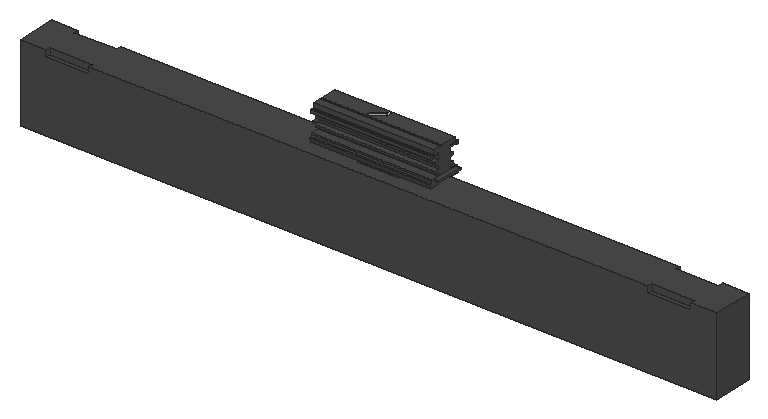
Revit family "DOT SINGLE HEAD RAIL 646_DTM30U6.5.15", category Luminarias, Revit 2019
Family settings
  Cota de conector redondo = Diámetro de uso
  Tipo de pieza = Normal
  Se basa en plano de trabajo = Sí
  Siempre vertical = Sí
  Corte con vacíos al cargar = No
  Origen de luz = Sí
  Compartido = No
  Punto de cálculo de habitación = No
Parameters (values of type "DOT SINGLE HEAD RAIL 646_DTM30U6.5.15")
  Ángulo de inclinación = 60.00°
  Zone [instance] = ""
  Watt per fixture = 30
  Wattage = 30 W
  built-in parameter 1150107 = 2700 (stored number, unit not read)
  built-in parameter 1150110 = 1 (stored number, unit not read)
  built-in parameter 1150109 = 1 (stored number, unit not read)
  built-in parameter 1150112 = 1 (stored number, unit not read)
  built-in parameter 1150113 = 1 (stored number, unit not read)
  built-in parameter 1114218 = 1 (stored number, unit not read)
  Keynote = ""
  built-in parameter 1150137 = (empty or 0)
  built-in parameter 1150132 = (empty or 0)
  Modelo = "DTM30U6.5.15"
  Lámpara = "3030SMD PHILIPS"
  built-in parameter 1150105 = 12002.7 (stored number, unit not read)
  built-in parameter 1150102 = (empty or 0)
  built-in parameter 1150106 = 120.03 (stored number, unit not read)
  Lumens = 2460 lm
  Color Filter = 16777215
  built-in parameter 1114217 = 1 (stored number, unit not read)
  built-in parameter 1150139 = (empty or 0)
  Fabricante = "BRILLANT"
  Default Elevation = 1219.2 mm
  built-in parameter 1150104 = 7.618 (stored number, unit not read)
  Descripción = "LUMINARIA DOWNLIGHT EN FORMATO RECTANGULAR COMPATIBLE CON RIEL DE 6 ENTRADAS Y 3 CIRCUITOS CON CABEZAL PARA PODER DIRIGIR LA LUMINARIA HASTA 30 GRADOS, CUERPO DE ALUMINIO ACABADO EN COLOR NEGRO, IP 20, PESO 1.48Kg, TIPO DE LED 3030SMD PHILIPS CON 30W TOTAL, 2300 LUMENES, 82LM/W, IRC 90, TEMPERATURA EN BLANCO CALIDO 2700K, 50 MIL HORAS DE VIDA PROMEDIO, APERTURA DE 15 GRADOS POR PROYECTO, ALIMENTADO A 90-240V"
  built-in parameter 1150115 = 1 (stored number, unit not read)
  built-in parameter 1150114 = 1 (stored number, unit not read)
  Comentarios de vataje = "90-240V"
  built-in parameter 1150138 = (empty or 0)
  built-in parameter 1150134 = (empty or 0)
  Circuit [instance] = ""
  Dimming Lamp Color Temperature Shift = (empty or 0)
  Archivo de red fotométrica = "L646A-30W-827-B-15_IESNA95.IES"
  built-in parameter 1150133 = 10 (stored number, unit not read)
Reference planes
  plane 1 "Centro (Frontal/Posterior)": y = 0
  plane 2: z = 0
  plane 3 "Centro (Izquierda/Derecha)": x = 0
Forms (mm)
  Extrusion 1, solid, material "Default Form"
    sketch origin (0, 0, 0) x (1, 0, 0) y (0, 0, 1)
      loop
        line (-323, 0) -> (-323, -72) -> (323, -72) -> (323, 0) -> (-323, 0)
    from -18.326 to 18.326
  Blend 2, void
    base sketch origin (0, 0, 0) x (1, 0, 0) y (0, 1, 0)
      loop
        line (-162, 16.149) -> (-162, -16.149) -> (-144.14, -16.149) -> (-144.14, 16.149) -> (-162, 16.149)
    top sketch origin (0, 0, 0) x (1, 0, 0) y (0, 1, 0)
      loop
        line (-160, 12.149) -> (-160, -12.149) -> (-146.14, -12.149) -> (-146.14, 12.149) -> (-160, 12.149)
    from -72 to -61.591
  Blend 3, void
    base sketch origin (21.86, 0, 0) x (1, 0, 0) y (0, 1, 0)
      loop
        line (-162, 16.149) -> (-162, -16.149) -> (-144.14, -16.149) -> (-144.14, 16.149) -> (-162, 16.149)
    top sketch origin (21.86, 0, 0) x (1, 0, 0) y (0, 1, 0)
      loop
        line (-160, 12.149) -> (-160, -12.149) -> (-146.14, -12.149) -> (-146.14, 12.149) -> (-160, 12.149)
    from -72 to -61.591
  Blend 4, void
    base sketch origin (43.72, 0, 0) x (1, 0, 0) y (0, 1, 0)
      loop
        line (-162, 16.149) -> (-162, -16.149) -> (-144.14, -16.149) -> (-144.14, 16.149) -> (-162, 16.149)
    top sketch origin (43.72, 0, 0) x (1, 0, 0) y (0, 1, 0)
      loop
        line (-160, 12.149) -> (-160, -12.149) -> (-146.14, -12.149) -> (-146.14, 12.149) -> (-160, 12.149)
    from -72 to -61.591
  Blend 5, void
    base sketch origin (65.58, 0, 0) x (1, 0, 0) y (0, 1, 0)
      loop
        line (-162, 16.149) -> (-162, -16.149) -> (-144.14, -16.149) -> (-144.14, 16.149) -> (-162, 16.149)
    top sketch origin (65.58, 0, 0) x (1, 0, 0) y (0, 1, 0)
      loop
        line (-160, 12.149) -> (-160, -12.149) -> (-146.14, -12.149) -> (-146.14, 12.149) -> (-160, 12.149)
    from -72 to -61.591
  Blend 6, void
    base sketch origin (87.44, 0, 0) x (1, 0, 0) y (0, 1, 0)
      loop
        line (-162, 16.149) -> (-162, -16.149) -> (-144.14, -16.149) -> (-144.14, 16.149) -> (-162, 16.149)
    top sketch origin (87.44, 0, 0) x (1, 0, 0) y (0, 1, 0)
      loop
        line (-160, 12.149) -> (-160, -12.149) -> (-146.14, -12.149) -> (-146.14, 12.149) -> (-160, 12.149)
    from -72 to -61.591
  Blend 7, void
    base sketch origin (109.3, 0, 0) x (1, 0, 0) y (0, 1, 0)
      loop
        line (-162, 16.149) -> (-162, -16.149) -> (-144.14, -16.149) -> (-144.14, 16.149) -> (-162, 16.149)
    top sketch origin (109.3, 0, 0) x (1, 0, 0) y (0, 1, 0)
      loop
        line (-160, 12.149) -> (-160, -12.149) -> (-146.14, -12.149) -> (-146.14, 12.149) -> (-160, 12.149)
    from -72 to -61.591
  Blend 8, void
    base sketch origin (131.16, 0, 0) x (1, 0, 0) y (0, 1, 0)
      loop
        line (-162, 16.149) -> (-162, -16.149) -> (-144.14, -16.149) -> (-144.14, 16.149) -> (-162, 16.149)
    top sketch origin (131.16, 0, 0) x (1, 0, 0) y (0, 1, 0)
      loop
        line (-160, 12.149) -> (-160, -12.149) -> (-146.14, -12.149) -> (-146.14, 12.149) -> (-160, 12.149)
    from -72 to -61.591
  Blend 9, void
    base sketch origin (153.02, 0, 0) x (1, 0, 0) y (0, 1, 0)
      loop
        line (-162, 16.149) -> (-162, -16.149) -> (-144.14, -16.149) -> (-144.14, 16.149) -> (-162, 16.149)
    top sketch origin (153.02, 0, 0) x (1, 0, 0) y (0, 1, 0)
      loop
        line (-160, 12.149) -> (-160, -12.149) -> (-146.14, -12.149) -> (-146.14, 12.149) -> (-160, 12.149)
    from -72 to -61.591
  Blend 10, void
    base sketch origin (174.88, 0, 0) x (1, 0, 0) y (0, 1, 0)
      loop
        line (-162, 16.149) -> (-162, -16.149) -> (-144.14, -16.149) -> (-144.14, 16.149) -> (-162, 16.149)
    top sketch origin (174.88, 0, 0) x (1, 0, 0) y (0, 1, 0)
      loop
        line (-160, 12.149) -> (-160, -12.149) -> (-146.14, -12.149) -> (-146.14, 12.149) -> (-160, 12.149)
    from -72 to -61.591
  Blend 11, void
    base sketch origin (196.74, 0, 0) x (1, 0, 0) y (0, 1, 0)
      loop
        line (-162, 16.149) -> (-162, -16.149) -> (-144.14, -16.149) -> (-144.14, 16.149) -> (-162, 16.149)
    top sketch origin (196.74, 0, 0) x (1, 0, 0) y (0, 1, 0)
      loop
        line (-160, 12.149) -> (-160, -12.149) -> (-146.14, -12.149) -> (-146.14, 12.149) -> (-160, 12.149)
    from -72 to -61.591
  Blend 12, void
    base sketch origin (218.6, 0, 0) x (1, 0, 0) y (0, 1, 0)
      loop
        line (-162, 16.149) -> (-162, -16.149) -> (-144.14, -16.149) -> (-144.14, 16.149) -> (-162, 16.149)
    top sketch origin (218.6, 0, 0) x (1, 0, 0) y (0, 1, 0)
      loop
        line (-160, 12.149) -> (-160, -12.149) -> (-146.14, -12.149) -> (-146.14, 12.149) -> (-160, 12.149)
    from -72 to -61.591
  Blend 13, void
    base sketch origin (240.46, 0, 0) x (1, 0, 0) y (0, 1, 0)
      loop
        line (-162, 16.149) -> (-162, -16.149) -> (-144.14, -16.149) -> (-144.14, 16.149) -> (-162, 16.149)
    top sketch origin (240.46, 0, 0) x (1, 0, 0) y (0, 1, 0)
      loop
        line (-160, 12.149) -> (-160, -12.149) -> (-146.14, -12.149) -> (-146.14, 12.149) -> (-160, 12.149)
    from -72 to -61.591
  Blend 14, void
    base sketch origin (262.32, 0, 0) x (1, 0, 0) y (0, 1, 0)
      loop
        line (-162, 16.149) -> (-162, -16.149) -> (-144.14, -16.149) -> (-144.14, 16.149) -> (-162, 16.149)
    top sketch origin (262.32, 0, 0) x (1, 0, 0) y (0, 1, 0)
      loop
        line (-160, 12.149) -> (-160, -12.149) -> (-146.14, -12.149) -> (-146.14, 12.149) -> (-160, 12.149)
    from -72 to -61.591
  Blend 15, void
    base sketch origin (284.18, 0, 0) x (1, 0, 0) y (0, 1, 0)
      loop
        line (-162, 16.149) -> (-162, -16.149) -> (-144.14, -16.149) -> (-144.14, 16.149) -> (-162, 16.149)
    top sketch origin (284.18, 0, 0) x (1, 0, 0) y (0, 1, 0)
      loop
        line (-160, 12.149) -> (-160, -12.149) -> (-146.14, -12.149) -> (-146.14, 12.149) -> (-160, 12.149)
    from -72 to -61.591
  Blend 16, void
    base sketch origin (306.04, 0, 0) x (1, 0, 0) y (0, 1, 0)
      loop
        line (-162, 16.149) -> (-162, -16.149) -> (-144.14, -16.149) -> (-144.14, 16.149) -> (-162, 16.149)
    top sketch origin (306.04, 0, 0) x (1, 0, 0) y (0, 1, 0)
      loop
        line (-160, 12.149) -> (-160, -12.149) -> (-146.14, -12.149) -> (-146.14, 12.149) -> (-160, 12.149)
    from -72 to -61.591
  Extrusion 17, solid, material "Default Form"
    sketch origin (-55.628, 0, 7.5) x (0, 1, 0) y (0, 0, 1)
      loop
        line (-7.273, 1.74) -> (7.273, 1.74) -> (7.273, 0) -> (15.231, 0) -> (17.006, 4.494) -> (15.021, 4.494) -> (14.058, 5.868) -> (14.058, 7.166) -> (6.473, 7.166) -> (6.473, 9.324) -> (10.169, 10.163) -> (10.169, 12.464) -> (6.473, 13.302) -> (6.473, 16.66) -> (10.169, 17.499) -> (10.169, 19.8) -> (6.473, 20.638) -> (6.473, 25.016) -> (13.839, 25.016) -> (14.514, 24.341) -> (15.775, 24.341) -> (15.775, 27.171) -> (14.73, 27.171) -> (14.058, 26.499) -> (6.473, 26.499) -> (6.473, 27.299) -> (12.377, 27.299) -> (12.377, 31.471) -> (-2.744, 31.471) -> (-2.744, 30.671) -> (-5.514, 30.671) -> (-5.514, 31.471) -> (-12.377, 31.471) -> (-12.377, 27.299) -> (-6.473, 27.299) -> (-6.473, 26.499) -> (-14.058, 26.499) -> (-14.73, 27.171) -> (-15.775, 27.171) -> (-15.775, 24.341) -> (-14.514, 24.341) -> (-13.839, 25.016) -> (-6.473, 25.016) -> (-6.473, 20.638) -> (-10.169, 19.8) -> (-10.169, 17.499) -> (-6.473, 16.66) -> (-6.473, 13.302) -> (-10.169, 12.464) -> (-10.169, 10.163) -> (-6.473, 9.324) -> (-6.473, 7.166) -> (-14.058, 7.166) -> (-14.058, 5.868) -> (-15.021, 4.494) -> (-17.006, 4.494) -> (-15.231, 0) -> (-7.273, 0) -> (-7.273, 1.74)
    from 0 to 111.256
  Extrusion 18, solid, material "Default Form"
    sketch origin (0, 0, 0) x (1, 0, 0) y (0, 1, 0)
      loop
        line (-19.12, 6.873) -> (-19.12, -6.873) -> (19.12, -6.873) -> (19.12, 6.873) -> (-19.12, 6.873)
    from 0 to 2.67
  Extrusion 19, solid, material "Default Form"
    sketch origin (0, 0, 0) x (1, 0, 0) y (0, 1, 0)
      loop
        line (-10.93, 3.188) -> (-10.93, -3.188) -> (10.93, -3.188) -> (10.93, 3.188) -> (-10.93, 3.188)
    from 2.67 to 7.5
  Extrusion 20, void
    sketch origin (0, 0, 0) x (1, 0, 0) y (0, 1, 0)
      loop
        line (-259.42, 18.326) -> (-299.14, 18.326) -> (-299.14, 14.276) -> (-259.42, 14.276) -> (-259.42, 18.326)
      loop
        line (-299.14, -18.326) -> (-259.42, -18.326) -> (-259.42, -14.276) -> (-299.14, -14.276) -> (-299.14, -18.326)
      loop
        line (299.14, -18.326) -> (299.14, -14.276) -> (259.42, -14.276) -> (259.42, -18.326) -> (299.14, -18.326)
      loop
        line (299.14, 18.326) -> (259.42, 18.326) -> (259.42, 14.276) -> (299.14, 14.276) -> (299.14, 18.326)
    from -6.015 to 0
  Extrusion 21, solid, material "Acero Inoxidable"
    sketch origin (0, -1.594, 0) x (1, 0, 0) y (0, 0, -1)
      loop
        line (-15, -38.971) -> (3.794, -45.811) -> (4.341, -44.308) -> (3.589, -44.034) -> (3.316, -44.786) -> (-12.661, -38.971) -> (-15, -38.971)
    from 0 to 3.188
  Extrusion 22, solid, material "Default Form"
    sketch origin (0, 0, 0) x (1, 0, 0) y (0, 1, 0)
      loop
        line (-55.628, 6.473) -> (-66.331, 6.473) -> (-66.331, 0) -> (-55.628, 0) -> (-55.628, 6.473)
      loop
        line (55.628, 12.377) -> (55.628, -12.149) -> (60.628, -12.149) -> (60.628, 12.377) -> (55.628, 12.377)
    from 13.368 to 15
  Blend 23, void
    base sketch origin (-87.44, 0, 0) x (1, 0, 0) y (0, 1, 0)
      loop
        line (-162, 16.149) -> (-162, -16.149) -> (-144.14, -16.149) -> (-144.14, 16.149) -> (-162, 16.149)
    top sketch origin (-87.44, 0, 0) x (1, 0, 0) y (0, 1, 0)
      loop
        line (-160, 12.149) -> (-160, -12.149) -> (-146.14, -12.149) -> (-146.14, 12.149) -> (-160, 12.149)
    from -72 to -61.591
  Blend 24, void
    base sketch origin (-65.58, 0, 0) x (1, 0, 0) y (0, 1, 0)
      loop
        line (-162, 16.149) -> (-162, -16.149) -> (-144.14, -16.149) -> (-144.14, 16.149) -> (-162, 16.149)
    top sketch origin (-65.58, 0, 0) x (1, 0, 0) y (0, 1, 0)
      loop
        line (-160, 12.149) -> (-160, -12.149) -> (-146.14, -12.149) -> (-146.14, 12.149) -> (-160, 12.149)
    from -72 to -61.591
  Blend 25, void
    base sketch origin (-43.72, 0, 0) x (1, 0, 0) y (0, 1, 0)
      loop
        line (-162, 16.149) -> (-162, -16.149) -> (-144.14, -16.149) -> (-144.14, 16.149) -> (-162, 16.149)
    top sketch origin (-43.72, 0, 0) x (1, 0, 0) y (0, 1, 0)
      loop
        line (-160, 12.149) -> (-160, -12.149) -> (-146.14, -12.149) -> (-146.14, 12.149) -> (-160, 12.149)
    from -72 to -61.591
  Blend 26, void
    base sketch origin (-21.86, 0, 0) x (1, 0, 0) y (0, 1, 0)
      loop
        line (-162, 16.149) -> (-162, -16.149) -> (-144.14, -16.149) -> (-144.14, 16.149) -> (-162, 16.149)
    top sketch origin (-21.86, 0, 0) x (1, 0, 0) y (0, 1, 0)
      loop
        line (-160, 12.149) -> (-160, -12.149) -> (-146.14, -12.149) -> (-146.14, 12.149) -> (-160, 12.149)
    from -72 to -61.591
  Blend 27, void
    base sketch origin (-109.3, 0, 0) x (1, 0, 0) y (0, 1, 0)
      loop
        line (-162, 16.149) -> (-162, -16.149) -> (-144.14, -16.149) -> (-144.14, 16.149) -> (-162, 16.149)
    top sketch origin (-109.3, 0, 0) x (1, 0, 0) y (0, 1, 0)
      loop
        line (-160, 12.149) -> (-160, -12.149) -> (-146.14, -12.149) -> (-146.14, 12.149) -> (-160, 12.149)
    from -72 to -61.591
  Blend 28, void
    base sketch origin (327.9, 0, 0) x (1, 0, 0) y (0, 1, 0)
      loop
        line (-162, 16.149) -> (-162, -16.149) -> (-144.14, -16.149) -> (-144.14, 16.149) -> (-162, 16.149)
    top sketch origin (327.9, 0, 0) x (1, 0, 0) y (0, 1, 0)
      loop
        line (-160, 12.149) -> (-160, -12.149) -> (-146.14, -12.149) -> (-146.14, 12.149) -> (-160, 12.149)
    from -72 to -61.591
  Blend 29, void
    base sketch origin (349.76, 0, 0) x (1, 0, 0) y (0, 1, 0)
      loop
        line (-162, 16.149) -> (-162, -16.149) -> (-144.14, -16.149) -> (-144.14, 16.149) -> (-162, 16.149)
    top sketch origin (349.76, 0, 0) x (1, 0, 0) y (0, 1, 0)
      loop
        line (-160, 12.149) -> (-160, -12.149) -> (-146.14, -12.149) -> (-146.14, 12.149) -> (-160, 12.149)
    from -72 to -61.591
  Blend 30, void
    base sketch origin (371.62, 0, 0) x (1, 0, 0) y (0, 1, 0)
      loop
        line (-162, 16.149) -> (-162, -16.149) -> (-144.14, -16.149) -> (-144.14, 16.149) -> (-162, 16.149)
    top sketch origin (371.62, 0, 0) x (1, 0, 0) y (0, 1, 0)
      loop
        line (-160, 12.149) -> (-160, -12.149) -> (-146.14, -12.149) -> (-146.14, 12.149) -> (-160, 12.149)
    from -72 to -61.591
  Blend 31, void
    base sketch origin (393.48, 0, 0) x (1, 0, 0) y (0, 1, 0)
      loop
        line (-162, 16.149) -> (-162, -16.149) -> (-144.14, -16.149) -> (-144.14, 16.149) -> (-162, 16.149)
    top sketch origin (393.48, 0, 0) x (1, 0, 0) y (0, 1, 0)
      loop
        line (-160, 12.149) -> (-160, -12.149) -> (-146.14, -12.149) -> (-146.14, 12.149) -> (-160, 12.149)
    from -72 to -61.591
  Blend 32, void
    base sketch origin (415.34, 0, 0) x (1, 0, 0) y (0, 1, 0)
      loop
        line (-162, 16.149) -> (-162, -16.149) -> (-144.14, -16.149) -> (-144.14, 16.149) -> (-162, 16.149)
    top sketch origin (415.34, 0, 0) x (1, 0, 0) y (0, 1, 0)
      loop
        line (-160, 12.149) -> (-160, -12.149) -> (-146.14, -12.149) -> (-146.14, 12.149) -> (-160, 12.149)
    from -72 to -61.591
Cuts and joins
  Blend 2, Blend 3, Blend 4, Blend 5, Blend 6, Blend 7, Blend 8, Blend 9, Blend 10, Blend 11, Blend 12, Blend 13, Blend 14, Blend 15, Blend 16, Extrusion 20, Blend 23, Blend 24, Blend 25, Blend 26, Blend 27, Blend 28, Blend 29, Blend 30, Blend 31, Blend 32 cuts Extrusion 1
Dimensions and locks
  equal spacing: Extrusion 1, plane 1 "Centro (Frontal/Posterior)", Extrusion 1
  Extrusion 1 to plane 1 "Centro (Frontal/Posterior)" = 18.326 mm
  Extrusion 1 to Extrusion 1 = 36.651 mm
  Extrusion 1 to Extrusion 1 = 72 mm
  Extrusion 1 to Extrusion 1 = 646 mm
  cut or joined group 1 (Extrusion 1, Blend 2, Blend 3, Blend 4, Blend 5, Blend 6, Blend 7, Blend 8, Blend 9, Blend 10, Blend 11, Blend 12, Blend 13, Blend 14, Blend 15, Blend 16, Extrusion 20, Blend 23, Blend 24, Blend 25, Blend 26, Blend 27, Blend 28, Blend 29, Blend 30, Blend 31, Blend 32) to cut or joined group 1 = 72 mm
  cut or joined group 1 to cut or joined group 1 = 36.651 mm
  cut or joined group 1 to cut or joined group 1 = 646 mm
  equal spacing: cut or joined group 1, plane 1 "Centro (Frontal/Posterior)", cut or joined group 1
  cut or joined group 1 to cut or joined group 1 = 23.86 mm  (x2)
  aligned and locked: level to plane 2
  aligned and locked: Extrusion 19 to Extrusion 17
  aligned and locked: Extrusion 19 to Extrusion 18
Automatic sketch dimensions
  Extrusion 1 sketch curve to level = 0 mm
  Extrusion 1 sketch curve to level = 72 mm
  Extrusion 1 sketch curve to plane 3 "Centro (Izquierda/Derecha)" = 323 mm
  plane 3 "Centro (Izquierda/Derecha)" to Extrusion 1 sketch curve = 323 mm
  Blend 2 sketch curve to plane 1 "Centro (Frontal/Posterior)" = 16.149 mm
  Blend 2 sketch curve to plane 3 "Centro (Izquierda/Derecha)" = 162 mm
  Blend 2 sketch curve to Blend 2 sketch curve = 17.86 mm
  plane 1 "Centro (Frontal/Posterior)" to Blend 2 sketch curve = 16.149 mm
  Blend 2 sketch curve to plane 1 "Centro (Frontal/Posterior)" = 12.149 mm
  Blend 2 sketch curve to plane 3 "Centro (Izquierda/Derecha)" = 160 mm
  Blend 2 sketch curve to Blend 2 sketch curve = 13.86 mm
  plane 1 "Centro (Frontal/Posterior)" to Blend 2 sketch curve = 12.149 mm
  Blend 3 sketch curve to plane 1 "Centro (Frontal/Posterior)" = 16.149 mm
  Blend 3 sketch curve to plane 3 "Centro (Izquierda/Derecha)" = 140.14 mm
  Blend 3 sketch curve to Blend 3 sketch curve = 17.86 mm
  plane 1 "Centro (Frontal/Posterior)" to Blend 3 sketch curve = 16.149 mm
  Blend 3 sketch curve to plane 1 "Centro (Frontal/Posterior)" = 12.149 mm
  Blend 3 sketch curve to plane 3 "Centro (Izquierda/Derecha)" = 138.14 mm
  Blend 3 sketch curve to Blend 3 sketch curve = 13.86 mm
  plane 1 "Centro (Frontal/Posterior)" to Blend 3 sketch curve = 12.149 mm
  Blend 4 sketch curve to plane 1 "Centro (Frontal/Posterior)" = 16.149 mm
  Blend 4 sketch curve to plane 3 "Centro (Izquierda/Derecha)" = 118.28 mm
  Blend 4 sketch curve to Blend 4 sketch curve = 17.86 mm
  plane 1 "Centro (Frontal/Posterior)" to Blend 4 sketch curve = 16.149 mm
  Blend 4 sketch curve to plane 1 "Centro (Frontal/Posterior)" = 12.149 mm
  Blend 4 sketch curve to plane 3 "Centro (Izquierda/Derecha)" = 116.28 mm
  Blend 4 sketch curve to Blend 4 sketch curve = 13.86 mm
  plane 1 "Centro (Frontal/Posterior)" to Blend 4 sketch curve = 12.149 mm
  Blend 5 sketch curve to plane 1 "Centro (Frontal/Posterior)" = 16.149 mm
  Blend 5 sketch curve to plane 3 "Centro (Izquierda/Derecha)" = 96.42 mm
  Blend 5 sketch curve to Blend 5 sketch curve = 17.86 mm
  plane 1 "Centro (Frontal/Posterior)" to Blend 5 sketch curve = 16.149 mm
  Blend 5 sketch curve to plane 1 "Centro (Frontal/Posterior)" = 12.149 mm
  Blend 5 sketch curve to plane 3 "Centro (Izquierda/Derecha)" = 94.42 mm
  Blend 5 sketch curve to Blend 5 sketch curve = 13.86 mm
  plane 1 "Centro (Frontal/Posterior)" to Blend 5 sketch curve = 12.149 mm
  Blend 6 sketch curve to plane 1 "Centro (Frontal/Posterior)" = 16.149 mm
  Blend 6 sketch curve to plane 3 "Centro (Izquierda/Derecha)" = 74.56 mm
  Blend 6 sketch curve to Blend 6 sketch curve = 17.86 mm
  plane 1 "Centro (Frontal/Posterior)" to Blend 6 sketch curve = 16.149 mm
  Blend 6 sketch curve to plane 1 "Centro (Frontal/Posterior)" = 12.149 mm
  Blend 6 sketch curve to plane 3 "Centro (Izquierda/Derecha)" = 72.56 mm
  Blend 6 sketch curve to Blend 6 sketch curve = 13.86 mm
  plane 1 "Centro (Frontal/Posterior)" to Blend 6 sketch curve = 12.149 mm
  Blend 7 sketch curve to plane 1 "Centro (Frontal/Posterior)" = 16.149 mm
  Blend 7 sketch curve to plane 3 "Centro (Izquierda/Derecha)" = 52.7 mm
  Blend 7 sketch curve to Blend 7 sketch curve = 17.86 mm
  plane 1 "Centro (Frontal/Posterior)" to Blend 7 sketch curve = 16.149 mm
  Blend 7 sketch curve to plane 1 "Centro (Frontal/Posterior)" = 12.149 mm
  Blend 7 sketch curve to plane 3 "Centro (Izquierda/Derecha)" = 50.7 mm
  Blend 7 sketch curve to Blend 7 sketch curve = 13.86 mm
  plane 1 "Centro (Frontal/Posterior)" to Blend 7 sketch curve = 12.149 mm
  Blend 8 sketch curve to plane 3 "Centro (Izquierda/Derecha)" = 30.84 mm
  Blend 8 sketch curve to plane 3 "Centro (Izquierda/Derecha)" = 12.98 mm
  plane 1 "Centro (Frontal/Posterior)" to Blend 8 sketch curve = 16.149 mm
  Blend 8 sketch curve to plane 1 "Centro (Frontal/Posterior)" = 16.149 mm
  Blend 8 sketch curve to plane 1 "Centro (Frontal/Posterior)" = 12.149 mm
  Blend 8 sketch curve to plane 3 "Centro (Izquierda/Derecha)" = 28.84 mm
  Blend 8 sketch curve to Blend 8 sketch curve = 13.86 mm
  plane 1 "Centro (Frontal/Posterior)" to Blend 8 sketch curve = 12.149 mm
  Blend 9 sketch curve to plane 3 "Centro (Izquierda/Derecha)" = 8.98 mm
  plane 3 "Centro (Izquierda/Derecha)" to Blend 9 sketch curve = 8.88 mm
  plane 1 "Centro (Frontal/Posterior)" to Blend 9 sketch curve = 16.149 mm
  Blend 9 sketch curve to plane 1 "Centro (Frontal/Posterior)" = 16.149 mm
  Blend 9 sketch curve to plane 3 "Centro (Izquierda/Derecha)" = 6.98 mm
  plane 3 "Centro (Izquierda/Derecha)" to Blend 9 sketch curve = 6.88 mm
  plane 1 "Centro (Frontal/Posterior)" to Blend 9 sketch curve = 12.149 mm
  Blend 9 sketch curve to plane 1 "Centro (Frontal/Posterior)" = 12.149 mm
  plane 3 "Centro (Izquierda/Derecha)" to Blend 10 sketch curve = 12.88 mm
  Blend 10 sketch curve to Blend 10 sketch curve = 17.86 mm
  plane 1 "Centro (Frontal/Posterior)" to Blend 10 sketch curve = 16.149 mm
  Blend 10 sketch curve to plane 1 "Centro (Frontal/Posterior)" = 16.149 mm
  plane 3 "Centro (Izquierda/Derecha)" to Blend 10 sketch curve = 14.88 mm
  Blend 10 sketch curve to Blend 10 sketch curve = 13.86 mm
  plane 1 "Centro (Frontal/Posterior)" to Blend 10 sketch curve = 12.149 mm
  Blend 10 sketch curve to plane 1 "Centro (Frontal/Posterior)" = 12.149 mm
  Blend 11 sketch curve to plane 1 "Centro (Frontal/Posterior)" = 16.149 mm
  plane 3 "Centro (Izquierda/Derecha)" to Blend 11 sketch curve = 34.74 mm
  Blend 11 sketch curve to Blend 11 sketch curve = 17.86 mm
  plane 1 "Centro (Frontal/Posterior)" to Blend 11 sketch curve = 16.149 mm
  Blend 11 sketch curve to plane 1 "Centro (Frontal/Posterior)" = 12.149 mm
  plane 3 "Centro (Izquierda/Derecha)" to Blend 11 sketch curve = 36.74 mm
  Blend 11 sketch curve to Blend 11 sketch curve = 13.86 mm
  plane 1 "Centro (Frontal/Posterior)" to Blend 11 sketch curve = 12.149 mm
  Blend 12 sketch curve to plane 1 "Centro (Frontal/Posterior)" = 16.149 mm
  plane 3 "Centro (Izquierda/Derecha)" to Blend 12 sketch curve = 56.6 mm
  Blend 12 sketch curve to Blend 12 sketch curve = 17.86 mm
  plane 1 "Centro (Frontal/Posterior)" to Blend 12 sketch curve = 16.149 mm
  Blend 12 sketch curve to plane 1 "Centro (Frontal/Posterior)" = 12.149 mm
  plane 3 "Centro (Izquierda/Derecha)" to Blend 12 sketch curve = 58.6 mm
  Blend 12 sketch curve to Blend 12 sketch curve = 13.86 mm
  plane 1 "Centro (Frontal/Posterior)" to Blend 12 sketch curve = 12.149 mm
  Blend 13 sketch curve to plane 1 "Centro (Frontal/Posterior)" = 16.149 mm
  plane 3 "Centro (Izquierda/Derecha)" to Blend 13 sketch curve = 78.46 mm
  Blend 13 sketch curve to Blend 13 sketch curve = 17.86 mm
  plane 1 "Centro (Frontal/Posterior)" to Blend 13 sketch curve = 16.149 mm
  Blend 13 sketch curve to plane 1 "Centro (Frontal/Posterior)" = 12.149 mm
  plane 3 "Centro (Izquierda/Derecha)" to Blend 13 sketch curve = 80.46 mm
  Blend 13 sketch curve to Blend 13 sketch curve = 13.86 mm
  plane 1 "Centro (Frontal/Posterior)" to Blend 13 sketch curve = 12.149 mm
  Blend 14 sketch curve to plane 1 "Centro (Frontal/Posterior)" = 16.149 mm
  plane 3 "Centro (Izquierda/Derecha)" to Blend 14 sketch curve = 100.32 mm
  Blend 14 sketch curve to Blend 14 sketch curve = 17.86 mm
  plane 1 "Centro (Frontal/Posterior)" to Blend 14 sketch curve = 16.149 mm
  Blend 14 sketch curve to plane 1 "Centro (Frontal/Posterior)" = 12.149 mm
  plane 3 "Centro (Izquierda/Derecha)" to Blend 14 sketch curve = 102.32 mm
  Blend 14 sketch curve to Blend 14 sketch curve = 13.86 mm
  plane 1 "Centro (Frontal/Posterior)" to Blend 14 sketch curve = 12.149 mm
  Blend 15 sketch curve to plane 1 "Centro (Frontal/Posterior)" = 16.149 mm
  plane 3 "Centro (Izquierda/Derecha)" to Blend 15 sketch curve = 122.18 mm
  Blend 15 sketch curve to Blend 15 sketch curve = 17.86 mm
  plane 1 "Centro (Frontal/Posterior)" to Blend 15 sketch curve = 16.149 mm
  Blend 15 sketch curve to plane 1 "Centro (Frontal/Posterior)" = 12.149 mm
  plane 3 "Centro (Izquierda/Derecha)" to Blend 15 sketch curve = 124.18 mm
  Blend 15 sketch curve to Blend 15 sketch curve = 13.86 mm
  plane 1 "Centro (Frontal/Posterior)" to Blend 15 sketch curve = 12.149 mm
  Blend 16 sketch curve to plane 1 "Centro (Frontal/Posterior)" = 16.149 mm
  plane 3 "Centro (Izquierda/Derecha)" to Blend 16 sketch curve = 144.04 mm
  Blend 16 sketch curve to Blend 16 sketch curve = 17.86 mm
  plane 1 "Centro (Frontal/Posterior)" to Blend 16 sketch curve = 16.149 mm
  Blend 16 sketch curve to plane 1 "Centro (Frontal/Posterior)" = 12.149 mm
  plane 3 "Centro (Izquierda/Derecha)" to Blend 16 sketch curve = 146.04 mm
  Blend 16 sketch curve to Blend 16 sketch curve = 13.86 mm
  plane 1 "Centro (Frontal/Posterior)" to Blend 16 sketch curve = 12.149 mm
  plane 1 "Centro (Frontal/Posterior)" to Extrusion 17 sketch curve = 17.006 mm
  plane 1 "Centro (Frontal/Posterior)" to Extrusion 17 sketch curve = 15.775 mm
  level to Extrusion 17 sketch curve = 7.5 mm  (x2)
  Extrusion 17 sketch curve to Extrusion 17 sketch curve = 1.775 mm
  Extrusion 17 sketch curve to Extrusion 17 sketch curve = 1.985 mm  (x2)
  Extrusion 17 sketch curve to Extrusion 17 sketch curve = 1.045 mm
  Extrusion 17 sketch curve to Extrusion 17 sketch curve = 1.261 mm  (x2)
  Extrusion 17 sketch curve to Extrusion 17 sketch curve = 0.963 mm  (x2)
  Extrusion 17 sketch curve to Extrusion 17 sketch curve = 0.672 mm  (x4)
  Extrusion 17 sketch curve to Extrusion 17 sketch curve = 0.675 mm  (x3)
  Extrusion 17 sketch curve to Extrusion 17 sketch curve = 2.354 mm
  Extrusion 17 sketch curve to Extrusion 17 sketch curve = 4.345 mm
  Extrusion 17 sketch curve to Extrusion 17 sketch curve = 3.89 mm  (x2)
  plane 1 "Centro (Frontal/Posterior)" to Extrusion 17 sketch curve = 7.273 mm
  Extrusion 17 sketch curve to Extrusion 17 sketch curve = 3.696 mm  (x4)
  Extrusion 17 sketch curve to Extrusion 17 sketch curve = 5.904 mm  (x2)
  Extrusion 17 sketch curve to Extrusion 17 sketch curve = 0 mm  (x3)
  Extrusion 17 sketch curve to Extrusion 17 sketch curve = 0.959 mm
  plane 1 "Centro (Frontal/Posterior)" to Extrusion 17 sketch curve = 2.744 mm
  Extrusion 17 sketch curve to plane 1 "Centro (Frontal/Posterior)" = 6.473 mm  (x2)
  Extrusion 17 sketch curve to Extrusion 17 sketch curve = 0.8 mm  (x3)
  Extrusion 17 sketch curve to Extrusion 17 sketch curve = 1.462 mm
  Extrusion 17 sketch curve to Extrusion 17 sketch curve = 0.22 mm
  Extrusion 17 sketch curve to Extrusion 17 sketch curve = 0.21 mm
  Extrusion 17 sketch curve to Extrusion 17 sketch curve = 1.74 mm
  Extrusion 17 sketch curve to Extrusion 17 sketch curve = 4.494 mm  (x2)
  Extrusion 17 sketch curve to Extrusion 17 sketch curve = 1.375 mm  (x2)
  Extrusion 17 sketch curve to Extrusion 17 sketch curve = 5.426 mm  (x2)
  Extrusion 17 sketch curve to Extrusion 17 sketch curve = 2.158 mm  (x2)
  Extrusion 17 sketch curve to Extrusion 17 sketch curve = 0.839 mm  (x8)
  Extrusion 17 sketch curve to Extrusion 17 sketch curve = 2.301 mm  (x4)
  Extrusion 17 sketch curve to Extrusion 17 sketch curve = 3.358 mm  (x2)
  Extrusion 17 sketch curve to Extrusion 17 sketch curve = 4.541 mm  (x2)
  Extrusion 17 sketch curve to Extrusion 17 sketch curve = 4.378 mm
  Extrusion 17 sketch curve to Extrusion 17 sketch curve = 1.483 mm  (x2)
  Extrusion 17 sketch curve to Extrusion 17 sketch curve = 3.372 mm
  Extrusion 17 sketch curve to Extrusion 17 sketch curve = 4.172 mm  (x2)
  plane 1 "Centro (Frontal/Posterior)" to Extrusion 18 sketch curve = 6.873 mm
  Extrusion 18 sketch curve to plane 3 "Centro (Izquierda/Derecha)" = 19.12 mm
  plane 3 "Centro (Izquierda/Derecha)" to Extrusion 18 sketch curve = 19.12 mm
  Extrusion 18 sketch curve to plane 1 "Centro (Frontal/Posterior)" = 6.873 mm
  plane 1 "Centro (Frontal/Posterior)" to Extrusion 19 sketch curve = 3.188 mm
  Extrusion 19 sketch curve to plane 3 "Centro (Izquierda/Derecha)" = 10.93 mm
  plane 3 "Centro (Izquierda/Derecha)" to Extrusion 19 sketch curve = 10.93 mm
  Extrusion 19 sketch curve to plane 1 "Centro (Frontal/Posterior)" = 3.188 mm
  plane 1 "Centro (Frontal/Posterior)" to Extrusion 20 sketch curve = 18.326 mm
  Extrusion 20 sketch curve to plane 3 "Centro (Izquierda/Derecha)" = 299.14 mm
  Extrusion 20 sketch curve to Extrusion 20 sketch curve = 0 mm  (x4)
  Extrusion 20 sketch curve to Extrusion 20 sketch curve = 39.72 mm  (x2)
  plane 1 "Centro (Frontal/Posterior)" to Extrusion 20 sketch curve = 14.276 mm
  plane 3 "Centro (Izquierda/Derecha)" to Extrusion 20 sketch curve = 259.42 mm
  Extrusion 20 sketch curve to plane 1 "Centro (Frontal/Posterior)" = 18.326 mm
  Extrusion 20 sketch curve to Extrusion 20 sketch curve = 4.049 mm  (x4)
  Extrusion 20 sketch curve to plane 1 "Centro (Frontal/Posterior)" = 14.276 mm
  Extrusion 21 sketch curve to plane 3 "Centro (Izquierda/Derecha)" = 15 mm
  Extrusion 21 sketch curve to Extrusion 21 sketch curve = 2.339 mm
  plane 3 "Centro (Izquierda/Derecha)" to Extrusion 21 sketch curve = 3.316 mm
  Extrusion 21 sketch curve to Extrusion 21 sketch curve = 0.274 mm
  Extrusion 21 sketch curve to Extrusion 21 sketch curve = 0.478 mm
  Extrusion 21 sketch curve to Extrusion 21 sketch curve = 0.752 mm
  level to Extrusion 21 sketch curve = 45.811 mm
  plane 1 "Centro (Frontal/Posterior)" to Extrusion 22 sketch curve = 0 mm
  Extrusion 22 sketch curve to plane 1 "Centro (Frontal/Posterior)" = 6.473 mm
  Extrusion 22 sketch curve to plane 3 "Centro (Izquierda/Derecha)" = 66.331 mm
  Extrusion 22 sketch curve to Extrusion 22 sketch curve = 10.703 mm
  Extrusion 22 sketch curve to plane 1 "Centro (Frontal/Posterior)" = 12.377 mm
  plane 3 "Centro (Izquierda/Derecha)" to Extrusion 22 sketch curve = 55.628 mm
  Extrusion 22 sketch curve to Extrusion 22 sketch curve = 5 mm
  plane 1 "Centro (Frontal/Posterior)" to Extrusion 22 sketch curve = 12.149 mm
  Blend 23 sketch curve to plane 1 "Centro (Frontal/Posterior)" = 16.149 mm
  Blend 23 sketch curve to plane 3 "Centro (Izquierda/Derecha)" = 249.44 mm
  Blend 23 sketch curve to Blend 23 sketch curve = 17.86 mm
  plane 1 "Centro (Frontal/Posterior)" to Blend 23 sketch curve = 16.149 mm
  Blend 23 sketch curve to plane 1 "Centro (Frontal/Posterior)" = 12.149 mm
  Blend 23 sketch curve to plane 3 "Centro (Izquierda/Derecha)" = 247.44 mm
  Blend 23 sketch curve to Blend 23 sketch curve = 13.86 mm
  plane 1 "Centro (Frontal/Posterior)" to Blend 23 sketch curve = 12.149 mm
  Blend 24 sketch curve to plane 1 "Centro (Frontal/Posterior)" = 16.149 mm
  Blend 24 sketch curve to plane 3 "Centro (Izquierda/Derecha)" = 227.58 mm
  Blend 24 sketch curve to Blend 24 sketch curve = 17.86 mm
  plane 1 "Centro (Frontal/Posterior)" to Blend 24 sketch curve = 16.149 mm
  Blend 24 sketch curve to plane 1 "Centro (Frontal/Posterior)" = 12.149 mm
  Blend 24 sketch curve to plane 3 "Centro (Izquierda/Derecha)" = 225.58 mm
  Blend 24 sketch curve to Blend 24 sketch curve = 13.86 mm
  plane 1 "Centro (Frontal/Posterior)" to Blend 24 sketch curve = 12.149 mm
  Blend 25 sketch curve to plane 1 "Centro (Frontal/Posterior)" = 16.149 mm
  Blend 25 sketch curve to plane 3 "Centro (Izquierda/Derecha)" = 205.72 mm
  Blend 25 sketch curve to Blend 25 sketch curve = 17.86 mm
  plane 1 "Centro (Frontal/Posterior)" to Blend 25 sketch curve = 16.149 mm
  Blend 25 sketch curve to plane 1 "Centro (Frontal/Posterior)" = 12.149 mm
  Blend 25 sketch curve to plane 3 "Centro (Izquierda/Derecha)" = 203.72 mm
  Blend 25 sketch curve to Blend 25 sketch curve = 13.86 mm
  plane 1 "Centro (Frontal/Posterior)" to Blend 25 sketch curve = 12.149 mm
  Blend 26 sketch curve to plane 1 "Centro (Frontal/Posterior)" = 16.149 mm
  Blend 26 sketch curve to plane 3 "Centro (Izquierda/Derecha)" = 183.86 mm
  Blend 26 sketch curve to Blend 26 sketch curve = 17.86 mm
  plane 1 "Centro (Frontal/Posterior)" to Blend 26 sketch curve = 16.149 mm
  Blend 26 sketch curve to plane 1 "Centro (Frontal/Posterior)" = 12.149 mm
  Blend 26 sketch curve to plane 3 "Centro (Izquierda/Derecha)" = 181.86 mm
  Blend 26 sketch curve to Blend 26 sketch curve = 13.86 mm
  plane 1 "Centro (Frontal/Posterior)" to Blend 26 sketch curve = 12.149 mm
  Blend 27 sketch curve to plane 1 "Centro (Frontal/Posterior)" = 16.149 mm
  Blend 27 sketch curve to plane 3 "Centro (Izquierda/Derecha)" = 271.3 mm
  Blend 27 sketch curve to Blend 27 sketch curve = 17.86 mm
  plane 1 "Centro (Frontal/Posterior)" to Blend 27 sketch curve = 16.149 mm
  Blend 27 sketch curve to plane 1 "Centro (Frontal/Posterior)" = 12.149 mm
  Blend 27 sketch curve to plane 3 "Centro (Izquierda/Derecha)" = 269.3 mm
  Blend 27 sketch curve to Blend 27 sketch curve = 13.86 mm
  plane 1 "Centro (Frontal/Posterior)" to Blend 27 sketch curve = 12.149 mm
  Blend 28 sketch curve to plane 1 "Centro (Frontal/Posterior)" = 16.149 mm
  plane 3 "Centro (Izquierda/Derecha)" to Blend 28 sketch curve = 165.9 mm
  Blend 28 sketch curve to Blend 28 sketch curve = 17.86 mm
  plane 1 "Centro (Frontal/Posterior)" to Blend 28 sketch curve = 16.149 mm
  Blend 28 sketch curve to plane 1 "Centro (Frontal/Posterior)" = 12.149 mm
  plane 3 "Centro (Izquierda/Derecha)" to Blend 28 sketch curve = 167.9 mm
  Blend 28 sketch curve to Blend 28 sketch curve = 13.86 mm
  plane 1 "Centro (Frontal/Posterior)" to Blend 28 sketch curve = 12.149 mm
  Blend 29 sketch curve to plane 1 "Centro (Frontal/Posterior)" = 16.149 mm
  plane 3 "Centro (Izquierda/Derecha)" to Blend 29 sketch curve = 187.76 mm
  Blend 29 sketch curve to Blend 29 sketch curve = 17.86 mm
  plane 1 "Centro (Frontal/Posterior)" to Blend 29 sketch curve = 16.149 mm
  Blend 29 sketch curve to plane 1 "Centro (Frontal/Posterior)" = 12.149 mm
  plane 3 "Centro (Izquierda/Derecha)" to Blend 29 sketch curve = 189.76 mm
  Blend 29 sketch curve to Blend 29 sketch curve = 13.86 mm
  plane 1 "Centro (Frontal/Posterior)" to Blend 29 sketch curve = 12.149 mm
  Blend 30 sketch curve to plane 1 "Centro (Frontal/Posterior)" = 16.149 mm
  plane 3 "Centro (Izquierda/Derecha)" to Blend 30 sketch curve = 209.62 mm
  Blend 30 sketch curve to Blend 30 sketch curve = 17.86 mm
  plane 1 "Centro (Frontal/Posterior)" to Blend 30 sketch curve = 16.149 mm
  Blend 30 sketch curve to plane 1 "Centro (Frontal/Posterior)" = 12.149 mm
  plane 3 "Centro (Izquierda/Derecha)" to Blend 30 sketch curve = 211.62 mm
  Blend 30 sketch curve to Blend 30 sketch curve = 13.86 mm
  plane 1 "Centro (Frontal/Posterior)" to Blend 30 sketch curve = 12.149 mm
  Blend 31 sketch curve to plane 1 "Centro (Frontal/Posterior)" = 16.149 mm
  plane 3 "Centro (Izquierda/Derecha)" to Blend 31 sketch curve = 231.48 mm
  Blend 31 sketch curve to Blend 31 sketch curve = 17.86 mm
  plane 1 "Centro (Frontal/Posterior)" to Blend 31 sketch curve = 16.149 mm
  Blend 31 sketch curve to plane 1 "Centro (Frontal/Posterior)" = 12.149 mm
  plane 3 "Centro (Izquierda/Derecha)" to Blend 31 sketch curve = 233.48 mm
  Blend 31 sketch curve to Blend 31 sketch curve = 13.86 mm
  plane 1 "Centro (Frontal/Posterior)" to Blend 31 sketch curve = 12.149 mm
  Blend 32 sketch curve to plane 1 "Centro (Frontal/Posterior)" = 16.149 mm
  plane 3 "Centro (Izquierda/Derecha)" to Blend 32 sketch curve = 253.34 mm
  Blend 32 sketch curve to Blend 32 sketch curve = 17.86 mm
  plane 1 "Centro (Frontal/Posterior)" to Blend 32 sketch curve = 16.149 mm
  Blend 32 sketch curve to plane 1 "Centro (Frontal/Posterior)" = 12.149 mm
  plane 3 "Centro (Izquierda/Derecha)" to Blend 32 sketch curve = 255.34 mm
  Blend 32 sketch curve to Blend 32 sketch curve = 13.86 mm
  plane 1 "Centro (Frontal/Posterior)" to Blend 32 sketch curve = 12.149 mm
Connectors
  electrical at (0, 0, 0)
    settings: on cut or joined group 1, index 1, voltage 240 V, apparent load 0 VA, apparent load phase1 0 VA, apparent load phase2 0 VA, apparent load phase3 0 VA, power factor 1, load classification "Otro", number of poles 1, system type 31, power factor state 1, is connector primary yes, connector utility no, sub classification motor no, connector description ""
